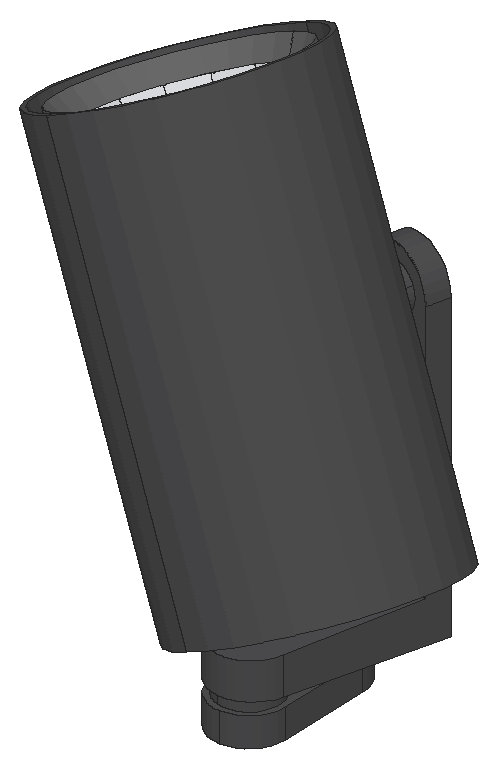
Revit family "Canilo", category Lighting Fixtures, host Face, Revit 2017 (continued)
Types (810, lengths in mm): name | system luminous flux | TK_Optic | TK_Body | System performance | SEO | ProductDataSheet | Mat | Luminaire colour | Lumen category | Lighting technology | Light colour | Lamp | IESFile | Cover / filter | CRI | Beam angle | Apparent Load
  CANILO  3P 01 LED4000-840 MF-c ET 01 | 3780 lm | "10127063" | "10161706" | 32 VA | Oktalite_Canilo_WH4000 | "http://www.oktalite.com/datasheet_print.php?language=EN&productid=63&lampid=81" | Oktalite_Alu_RAL_9016 | "RAL 9016 traffic white" | "4000 lm" | "LED" | "4000 K" | "LED" | "CANILO_LED_MF.ies" | "clear" | "85" | "Medium Flood" | 32 VA
  CANILO  3P 01 LED4000-840 MF  ET 01 | 3780 lm | "10125193" | "10161706" | 32 VA | Oktalite_Canilo_WH4000 | "http://www.oktalite.com/datasheet_print.php?language=EN&productid=63&lampid=81" | Oktalite_Alu_RAL_9016 | "RAL 9016 traffic white" | "4000 lm" | "LED" | "4000 K" | "LED" | "CANILO_LED_MF.ies" | "without" | "85" | "Medium Flood" | 32 VA
  CANILO  3P 01 LED4000-840 SP-c ET 01 | 3780 lm | "10127062" | "10161706" | 32 VA | Oktalite_Canilo_WH4000 | "http://www.oktalite.com/datasheet_print.php?language=EN&productid=63&lampid=81" | Oktalite_Alu_RAL_9016 | "RAL 9016 traffic white" | "4000 lm" | "LED" | "4000 K" | "LED" | "CANILO_LED_SP.ies" | "clear" | "85" | "Spot" | 32 VA
  CANILO  3P 01 LED4000-840 SP  ET 01 | 3780 lm | "10125190" | "10161706" | 32 VA | Oktalite_Canilo_WH4000 | "http://www.oktalite.com/datasheet_print.php?language=EN&productid=63&lampid=81" | Oktalite_Alu_RAL_9016 | "RAL 9016 traffic white" | "4000 lm" | "LED" | "4000 K" | "LED" | "CANILO_LED_SP.ies" | "without" | "85" | "Spot" | 32 VA
  CANILO  3P 05 LED4000-835 VFL-c ET 05 | 3700 lm | "10147536" | "10161702" | 32 VA | Oktalite_Canilo_WH3500 | "http://www.oktalite.com/datasheet_print.php?language=EN&productid=63&lampid=81" | Oktalite_Alu_RAL_9005 | "RAL 9005 jet black" | "4000 lm" | "LED" | "3500 K" | "LED" | "CANILO_LED_VFL.ies" | "clear" | "85" | "Very Wide Flood" | 32 VA
  CANILO  3P 05 LED4000-835 VFL  ET 05 | 3700 lm | "10147502" | "10161702" | 32 VA | Oktalite_Canilo_WH3500 | "http://www.oktalite.com/datasheet_print.php?language=EN&productid=63&lampid=81" | Oktalite_Alu_RAL_9005 | "RAL 9005 jet black" | "4000 lm" | "LED" | "3500 K" | "LED" | "CANILO_LED_VFL.ies" | "without" | "85" | "Very Wide Flood" | 32 VA
  CANILO  3P 05 LED4000-835 WFL-c ET 05 | 3700 lm | "10147535" | "10161702" | 32 VA | Oktalite_Canilo_WH3500 | "http://www.oktalite.com/datasheet_print.php?language=EN&productid=63&lampid=81" | Oktalite_Alu_RAL_9005 | "RAL 9005 jet black" | "4000 lm" | "LED" | "3500 K" | "LED" | "CANILO_LED_WFL.ies" | "clear" | "85" | "Wide Flood" | 32 VA
  CANILO  3P 05 LED4000-835 WFL  ET 05 | 3700 lm | "10147501" | "10161702" | 32 VA | Oktalite_Canilo_WH3500 | "http://www.oktalite.com/datasheet_print.php?language=EN&productid=63&lampid=81" | Oktalite_Alu_RAL_9005 | "RAL 9005 jet black" | "4000 lm" | "LED" | "3500 K" | "LED" | "CANILO_LED_WFL.ies" | "without" | "85" | "Wide Flood" | 32 VA
  CANILO  3P 05 LED4000-835 FL-c ET 05 | 3700 lm | "10127064" | "10161702" | 32 VA | Oktalite_Canilo_WH3500 | "http://www.oktalite.com/datasheet_print.php?language=EN&productid=63&lampid=81" | Oktalite_Alu_RAL_9005 | "RAL 9005 jet black" | "4000 lm" | "LED" | "3500 K" | "LED" | "CANILO_LED_FL.ies" | "clear" | "85" | "Flood" | 32 VA
  CANILO  3P 05 LED4000-835 FL  ET 05 | 3700 lm | "10125196" | "10161702" | 32 VA | Oktalite_Canilo_WH3500 | "http://www.oktalite.com/datasheet_print.php?language=EN&productid=63&lampid=81" | Oktalite_Alu_RAL_9005 | "RAL 9005 jet black" | "4000 lm" | "LED" | "3500 K" | "LED" | "CANILO_LED_FL.ies" | "without" | "85" | "Flood" | 32 VA
  CANILO  3P 05 LED4000-835 MF-c ET 05 | 3700 lm | "10127063" | "10161702" | 32 VA | Oktalite_Canilo_WH3500 | "http://www.oktalite.com/datasheet_print.php?language=EN&productid=63&lampid=81" | Oktalite_Alu_RAL_9005 | "RAL 9005 jet black" | "4000 lm" | "LED" | "3500 K" | "LED" | "CANILO_LED_MF.ies" | "clear" | "85" | "Medium Flood" | 32 VA
  CANILO  3P 05 LED4000-835 MF  ET 05 | 3700 lm | "10125193" | "10161702" | 32 VA | Oktalite_Canilo_WH3500 | "http://www.oktalite.com/datasheet_print.php?language=EN&productid=63&lampid=81" | Oktalite_Alu_RAL_9005 | "RAL 9005 jet black" | "4000 lm" | "LED" | "3500 K" | "LED" | "CANILO_LED_MF.ies" | "without" | "85" | "Medium Flood" | 32 VA
  CANILO  3P 05 LED4000-835 SP-c ET 05 | 3700 lm | "10127062" | "10161702" | 32 VA | Oktalite_Canilo_WH3500 | "http://www.oktalite.com/datasheet_print.php?language=EN&productid=63&lampid=81" | Oktalite_Alu_RAL_9005 | "RAL 9005 jet black" | "4000 lm" | "LED" | "3500 K" | "LED" | "CANILO_LED_SP.ies" | "clear" | "85" | "Spot" | 32 VA
  CANILO  3P 05 LED4000-835 SP  ET 05 | 3700 lm | "10125190" | "10161702" | 32 VA | Oktalite_Canilo_WH3500 | "http://www.oktalite.com/datasheet_print.php?language=EN&productid=63&lampid=81" | Oktalite_Alu_RAL_9005 | "RAL 9005 jet black" | "4000 lm" | "LED" | "3500 K" | "LED" | "CANILO_LED_SP.ies" | "without" | "85" | "Spot" | 32 VA
  CANILO  3P 05 LED4000-835 VFL-c ET 03 | 3700 lm | "10147536" | "10161701" | 32 VA | Oktalite_Canilo_WH3500 | "http://www.oktalite.com/datasheet_print.php?language=EN&productid=63&lampid=81" | Oktalite_Alu_RAL_9006 | "RAL 9006 white aluminium" | "4000 lm" | "LED" | "3500 K" | "LED" | "CANILO_LED_VFL.ies" | "clear" | "85" | "Very Wide Flood" | 32 VA
  CANILO  3P 05 LED4000-835 VFL  ET 03 | 3700 lm | "10147502" | "10161701" | 32 VA | Oktalite_Canilo_WH3500 | "http://www.oktalite.com/datasheet_print.php?language=EN&productid=63&lampid=81" | Oktalite_Alu_RAL_9006 | "RAL 9006 white aluminium" | "4000 lm" | "LED" | "3500 K" | "LED" | "CANILO_LED_VFL.ies" | "without" | "85" | "Very Wide Flood" | 32 VA
  CANILO  3P 05 LED4000-835 WFL-c ET 03 | 3700 lm | "10147535" | "10161701" | 32 VA | Oktalite_Canilo_WH3500 | "http://www.oktalite.com/datasheet_print.php?language=EN&productid=63&lampid=81" | Oktalite_Alu_RAL_9006 | "RAL 9006 white aluminium" | "4000 lm" | "LED" | "3500 K" | "LED" | "CANILO_LED_WFL.ies" | "clear" | "85" | "Wide Flood" | 32 VA
  CANILO  3P 05 LED4000-835 WFL  ET 03 | 3700 lm | "10147501" | "10161701" | 32 VA | Oktalite_Canilo_WH3500 | "http://www.oktalite.com/datasheet_print.php?language=EN&productid=63&lampid=81" | Oktalite_Alu_RAL_9006 | "RAL 9006 white aluminium" | "4000 lm" | "LED" | "3500 K" | "LED" | "CANILO_LED_WFL.ies" | "without" | "85" | "Wide Flood" | 32 VA
  CANILO  3P 05 LED4000-835 FL-c ET 03 | 3700 lm | "10127064" | "10161701" | 32 VA | Oktalite_Canilo_WH3500 | "http://www.oktalite.com/datasheet_print.php?language=EN&productid=63&lampid=81" | Oktalite_Alu_RAL_9006 | "RAL 9006 white aluminium" | "4000 lm" | "LED" | "3500 K" | "LED" | "CANILO_LED_FL.ies" | "clear" | "85" | "Flood" | 32 VA
  CANILO  3P 05 LED4000-835 FL  ET 03 | 3700 lm | "10125196" | "10161701" | 32 VA | Oktalite_Canilo_WH3500 | "http://www.oktalite.com/datasheet_print.php?language=EN&productid=63&lampid=81" | Oktalite_Alu_RAL_9006 | "RAL 9006 white aluminium" | "4000 lm" | "LED" | "3500 K" | "LED" | "CANILO_LED_FL.ies" | "without" | "85" | "Flood" | 32 VA
  CANILO  3P 05 LED4000-835 MF-c ET 03 | 3700 lm | "10127063" | "10161701" | 32 VA | Oktalite_Canilo_WH3500 | "http://www.oktalite.com/datasheet_print.php?language=EN&productid=63&lampid=81" | Oktalite_Alu_RAL_9006 | "RAL 9006 white aluminium" | "4000 lm" | "LED" | "3500 K" | "LED" | "CANILO_LED_MF.ies" | "clear" | "85" | "Medium Flood" | 32 VA
  CANILO  3P 05 LED4000-835 MF  ET 03 | 3700 lm | "10125193" | "10161701" | 32 VA | Oktalite_Canilo_WH3500 | "http://www.oktalite.com/datasheet_print.php?language=EN&productid=63&lampid=81" | Oktalite_Alu_RAL_9006 | "RAL 9006 white aluminium" | "4000 lm" | "LED" | "3500 K" | "LED" | "CANILO_LED_MF.ies" | "without" | "85" | "Medium Flood" | 32 VA
  CANILO  3P 05 LED4000-835 SP-c ET 03 | 3700 lm | "10127062" | "10161701" | 32 VA | Oktalite_Canilo_WH3500 | "http://www.oktalite.com/datasheet_print.php?language=EN&productid=63&lampid=81" | Oktalite_Alu_RAL_9006 | "RAL 9006 white aluminium" | "4000 lm" | "LED" | "3500 K" | "LED" | "CANILO_LED_SP.ies" | "clear" | "85" | "Spot" | 32 VA
  CANILO  3P 05 LED4000-835 SP  ET 03 | 3700 lm | "10125190" | "10161701" | 32 VA | Oktalite_Canilo_WH3500 | "http://www.oktalite.com/datasheet_print.php?language=EN&productid=63&lampid=81" | Oktalite_Alu_RAL_9006 | "RAL 9006 white aluminium" | "4000 lm" | "LED" | "3500 K" | "LED" | "CANILO_LED_SP.ies" | "without" | "85" | "Spot" | 32 VA
  CANILO  3P 01 LED4000-835 VFL-c ET 01 | 3700 lm | "10147536" | "10161700" | 32 VA | Oktalite_Canilo_WH3500 | "http://www.oktalite.com/datasheet_print.php?language=EN&productid=63&lampid=81" | Oktalite_Alu_RAL_9016 | "RAL 9016 traffic white" | "4000 lm" | "LED" | "3500 K" | "LED" | "CANILO_LED_VFL.ies" | "clear" | "85" | "Very Wide Flood" | 32 VA
  CANILO  3P 01 LED4000-835 VFL  ET 01 | 3700 lm | "10147502" | "10161700" | 32 VA | Oktalite_Canilo_WH3500 | "http://www.oktalite.com/datasheet_print.php?language=EN&productid=63&lampid=81" | Oktalite_Alu_RAL_9016 | "RAL 9016 traffic white" | "4000 lm" | "LED" | "3500 K" | "LED" | "CANILO_LED_VFL.ies" | "without" | "85" | "Very Wide Flood" | 32 VA
  CANILO  3P 01 LED4000-835 WFL-c ET 01 | 3700 lm | "10147535" | "10161700" | 32 VA | Oktalite_Canilo_WH3500 | "http://www.oktalite.com/datasheet_print.php?language=EN&productid=63&lampid=81" | Oktalite_Alu_RAL_9016 | "RAL 9016 traffic white" | "4000 lm" | "LED" | "3500 K" | "LED" | "CANILO_LED_WFL.ies" | "clear" | "85" | "Wide Flood" | 32 VA
  CANILO  3P 01 LED4000-835 WFL  ET 01 | 3700 lm | "10147501" | "10161700" | 32 VA | Oktalite_Canilo_WH3500 | "http://www.oktalite.com/datasheet_print.php?language=EN&productid=63&lampid=81" | Oktalite_Alu_RAL_9016 | "RAL 9016 traffic white" | "4000 lm" | "LED" | "3500 K" | "LED" | "CANILO_LED_WFL.ies" | "without" | "85" | "Wide Flood" | 32 VA
  CANILO  3P 01 LED4000-835 FL-c ET 01 | 3700 lm | "10127064" | "10161700" | 32 VA | Oktalite_Canilo_WH3500 | "http://www.oktalite.com/datasheet_print.php?language=EN&productid=63&lampid=81" | Oktalite_Alu_RAL_9016 | "RAL 9016 traffic white" | "4000 lm" | "LED" | "3500 K" | "LED" | "CANILO_LED_FL.ies" | "clear" | "85" | "Flood" | 32 VA
  CANILO  3P 01 LED4000-835 FL  ET 01 | 3700 lm | "10125196" | "10161700" | 32 VA | Oktalite_Canilo_WH3500 | "http://www.oktalite.com/datasheet_print.php?language=EN&productid=63&lampid=81" | Oktalite_Alu_RAL_9016 | "RAL 9016 traffic white" | "4000 lm" | "LED" | "3500 K" | "LED" | "CANILO_LED_FL.ies" | "without" | "85" | "Flood" | 32 VA
  CANILO  3P 01 LED4000-835 MF-c ET 01 | 3700 lm | "10127063" | "10161700" | 32 VA | Oktalite_Canilo_WH3500 | "http://www.oktalite.com/datasheet_print.php?language=EN&productid=63&lampid=81" | Oktalite_Alu_RAL_9016 | "RAL 9016 traffic white" | "4000 lm" | "LED" | "3500 K" | "LED" | "CANILO_LED_MF.ies" | "clear" | "85" | "Medium Flood" | 32 VA
  CANILO  3P 01 LED4000-835 MF  ET 01 | 3700 lm | "10125193" | "10161700" | 32 VA | Oktalite_Canilo_WH3500 | "http://www.oktalite.com/datasheet_print.php?language=EN&productid=63&lampid=81" | Oktalite_Alu_RAL_9016 | "RAL 9016 traffic white" | "4000 lm" | "LED" | "3500 K" | "LED" | "CANILO_LED_MF.ies" | "without" | "85" | "Medium Flood" | 32 VA
  CANILO  3P 01 LED4000-835 SP-c ET 01 | 3700 lm | "10127062" | "10161700" | 32 VA | Oktalite_Canilo_WH3500 | "http://www.oktalite.com/datasheet_print.php?language=EN&productid=63&lampid=81" | Oktalite_Alu_RAL_9016 | "RAL 9016 traffic white" | "4000 lm" | "LED" | "3500 K" | "LED" | "CANILO_LED_SP.ies" | "clear" | "85" | "Spot" | 32 VA
  CANILO  3P 01 LED4000-835 SP  ET 01 | 3700 lm | "10125190" | "10161700" | 32 VA | Oktalite_Canilo_WH3500 | "http://www.oktalite.com/datasheet_print.php?language=EN&productid=63&lampid=81" | Oktalite_Alu_RAL_9016 | "RAL 9016 traffic white" | "4000 lm" | "LED" | "3500 K" | "LED" | "CANILO_LED_SP.ies" | "without" | "85" | "Spot" | 32 VA
  CANILO  3P 05 LED4000-830 VFL-c ET 05 | 3655 lm | "10147536" | "10161690" | 32 VA | Oktalite_Canilo_WH3000 | "http://www.oktalite.com/datasheet_print.php?language=EN&productid=63&lampid=81" | Oktalite_Alu_RAL_9005 | "RAL 9005 jet black" | "4000 lm" | "LED" | "3000 K" | "LED" | "CANILO_LED_VFL.ies" | "clear" | "85" | "Very Wide Flood" | 32 VA
  CANILO  3P 05 LED4000-830 VFL  ET 05 | 3655 lm | "10147502" | "10161690" | 32 VA | Oktalite_Canilo_WH3000 | "http://www.oktalite.com/datasheet_print.php?language=EN&productid=63&lampid=81" | Oktalite_Alu_RAL_9005 | "RAL 9005 jet black" | "4000 lm" | "LED" | "3000 K" | "LED" | "CANILO_LED_VFL.ies" | "without" | "85" | "Very Wide Flood" | 32 VA
  CANILO  3P 05 LED4000-830 WFL-c ET 05 | 3655 lm | "10147535" | "10161690" | 32 VA | Oktalite_Canilo_WH3000 | "http://www.oktalite.com/datasheet_print.php?language=EN&productid=63&lampid=81" | Oktalite_Alu_RAL_9005 | "RAL 9005 jet black" | "4000 lm" | "LED" | "3000 K" | "LED" | "CANILO_LED_WFL.ies" | "clear" | "85" | "Wide Flood" | 32 VA
  CANILO  3P 05 LED4000-830 WFL  ET 05 | 3655 lm | "10147501" | "10161690" | 32 VA | Oktalite_Canilo_WH3000 | "http://www.oktalite.com/datasheet_print.php?language=EN&productid=63&lampid=81" | Oktalite_Alu_RAL_9005 | "RAL 9005 jet black" | "4000 lm" | "LED" | "3000 K" | "LED" | "CANILO_LED_WFL.ies" | "without" | "85" | "Wide Flood" | 32 VA
  CANILO  3P 05 LED4000-830 FL-c ET 05 | 3655 lm | "10127064" | "10161690" | 32 VA | Oktalite_Canilo_WH3000 | "http://www.oktalite.com/datasheet_print.php?language=EN&productid=63&lampid=81" | Oktalite_Alu_RAL_9005 | "RAL 9005 jet black" | "4000 lm" | "LED" | "3000 K" | "LED" | "CANILO_LED_FL.ies" | "clear" | "85" | "Flood" | 32 VA
  CANILO  3P 05 LED4000-830 FL  ET 05 | 3655 lm | "10125196" | "10161690" | 32 VA | Oktalite_Canilo_WH3000 | "http://www.oktalite.com/datasheet_print.php?language=EN&productid=63&lampid=81" | Oktalite_Alu_RAL_9005 | "RAL 9005 jet black" | "4000 lm" | "LED" | "3000 K" | "LED" | "CANILO_LED_FL.ies" | "without" | "85" | "Flood" | 32 VA
  CANILO  3P 05 LED4000-830 MF-c ET 05 | 3655 lm | "10127063" | "10161690" | 32 VA | Oktalite_Canilo_WH3000 | "http://www.oktalite.com/datasheet_print.php?language=EN&productid=63&lampid=81" | Oktalite_Alu_RAL_9005 | "RAL 9005 jet black" | "4000 lm" | "LED" | "3000 K" | "LED" | "CANILO_LED_MF.ies" | "clear" | "85" | "Medium Flood" | 32 VA
  CANILO  3P 05 LED4000-830 MF  ET 05 | 3655 lm | "10125193" | "10161690" | 32 VA | Oktalite_Canilo_WH3000 | "http://www.oktalite.com/datasheet_print.php?language=EN&productid=63&lampid=81" | Oktalite_Alu_RAL_9005 | "RAL 9005 jet black" | "4000 lm" | "LED" | "3000 K" | "LED" | "CANILO_LED_MF.ies" | "without" | "85" | "Medium Flood" | 32 VA
  CANILO  3P 05 LED4000-830 SP-c ET 05 | 3655 lm | "10127062" | "10161690" | 32 VA | Oktalite_Canilo_WH3000 | "http://www.oktalite.com/datasheet_print.php?language=EN&productid=63&lampid=81" | Oktalite_Alu_RAL_9005 | "RAL 9005 jet black" | "4000 lm" | "LED" | "3000 K" | "LED" | "CANILO_LED_SP.ies" | "clear" | "85" | "Spot" | 32 VA
  CANILO  3P 05 LED4000-830 SP  ET 05 | 3655 lm | "10125190" | "10161690" | 32 VA | Oktalite_Canilo_WH3000 | "http://www.oktalite.com/datasheet_print.php?language=EN&productid=63&lampid=81" | Oktalite_Alu_RAL_9005 | "RAL 9005 jet black" | "4000 lm" | "LED" | "3000 K" | "LED" | "CANILO_LED_SP.ies" | "without" | "85" | "Spot" | 32 VA
  CANILO  3P 05 LED4000-830 VFL-c ET 03 | 3655 lm | "10147536" | "10161689" | 32 VA | Oktalite_Canilo_WH3000 | "http://www.oktalite.com/datasheet_print.php?language=EN&productid=63&lampid=81" | Oktalite_Alu_RAL_9006 | "RAL 9006 white aluminium" | "4000 lm" | "LED" | "3000 K" | "LED" | "CANILO_LED_VFL.ies" | "clear" | "85" | "Very Wide Flood" | 32 VA
  CANILO  3P 05 LED4000-830 VFL  ET 03 | 3655 lm | "10147502" | "10161689" | 32 VA | Oktalite_Canilo_WH3000 | "http://www.oktalite.com/datasheet_print.php?language=EN&productid=63&lampid=81" | Oktalite_Alu_RAL_9006 | "RAL 9006 white aluminium" | "4000 lm" | "LED" | "3000 K" | "LED" | "CANILO_LED_VFL.ies" | "without" | "85" | "Very Wide Flood" | 32 VA
  CANILO  3P 05 LED4000-830 WFL-c ET 03 | 3655 lm | "10147535" | "10161689" | 32 VA | Oktalite_Canilo_WH3000 | "http://www.oktalite.com/datasheet_print.php?language=EN&productid=63&lampid=81" | Oktalite_Alu_RAL_9006 | "RAL 9006 white aluminium" | "4000 lm" | "LED" | "3000 K" | "LED" | "CANILO_LED_WFL.ies" | "clear" | "85" | "Wide Flood" | 32 VA
  CANILO  3P 05 LED4000-830 WFL  ET 03 | 3655 lm | "10147501" | "10161689" | 32 VA | Oktalite_Canilo_WH3000 | "http://www.oktalite.com/datasheet_print.php?language=EN&productid=63&lampid=81" | Oktalite_Alu_RAL_9006 | "RAL 9006 white aluminium" | "4000 lm" | "LED" | "3000 K" | "LED" | "CANILO_LED_WFL.ies" | "without" | "85" | "Wide Flood" | 32 VA
  CANILO  3P 05 LED4000-830 FL-c ET 03 | 3655 lm | "10127064" | "10161689" | 32 VA | Oktalite_Canilo_WH3000 | "http://www.oktalite.com/datasheet_print.php?language=EN&productid=63&lampid=81" | Oktalite_Alu_RAL_9006 | "RAL 9006 white aluminium" | "4000 lm" | "LED" | "3000 K" | "LED" | "CANILO_LED_FL.ies" | "clear" | "85" | "Flood" | 32 VA
  CANILO  3P 05 LED4000-830 FL  ET 03 | 3655 lm | "10125196" | "10161689" | 32 VA | Oktalite_Canilo_WH3000 | "http://www.oktalite.com/datasheet_print.php?language=EN&productid=63&lampid=81" | Oktalite_Alu_RAL_9006 | "RAL 9006 white aluminium" | "4000 lm" | "LED" | "3000 K" | "LED" | "CANILO_LED_FL.ies" | "without" | "85" | "Flood" | 32 VA
  CANILO  3P 05 LED4000-830 MF-c ET 03 | 3655 lm | "10127063" | "10161689" | 32 VA | Oktalite_Canilo_WH3000 | "http://www.oktalite.com/datasheet_print.php?language=EN&productid=63&lampid=81" | Oktalite_Alu_RAL_9006 | "RAL 9006 white aluminium" | "4000 lm" | "LED" | "3000 K" | "LED" | "CANILO_LED_MF.ies" | "clear" | "85" | "Medium Flood" | 32 VA
  CANILO  3P 05 LED4000-830 MF  ET 03 | 3655 lm | "10125193" | "10161689" | 32 VA | Oktalite_Canilo_WH3000 | "http://www.oktalite.com/datasheet_print.php?language=EN&productid=63&lampid=81" | Oktalite_Alu_RAL_9006 | "RAL 9006 white aluminium" | "4000 lm" | "LED" | "3000 K" | "LED" | "CANILO_LED_MF.ies" | "without" | "85" | "Medium Flood" | 32 VA
  CANILO  3P 05 LED4000-830 SP-c ET 03 | 3655 lm | "10127062" | "10161689" | 32 VA | Oktalite_Canilo_WH3000 | "http://www.oktalite.com/datasheet_print.php?language=EN&productid=63&lampid=81" | Oktalite_Alu_RAL_9006 | "RAL 9006 white aluminium" | "4000 lm" | "LED" | "3000 K" | "LED" | "CANILO_LED_SP.ies" | "clear" | "85" | "Spot" | 32 VA
  CANILO  3P 05 LED4000-830 SP  ET 03 | 3655 lm | "10125190" | "10161689" | 32 VA | Oktalite_Canilo_WH3000 | "http://www.oktalite.com/datasheet_print.php?language=EN&productid=63&lampid=81" | Oktalite_Alu_RAL_9006 | "RAL 9006 white aluminium" | "4000 lm" | "LED" | "3000 K" | "LED" | "CANILO_LED_SP.ies" | "without" | "85" | "Spot" | 32 VA
  CANILO  3P 01 LED4000-830 VFL-c ET 01 | 3655 lm | "10147536" | "10161688" | 32 VA | Oktalite_Canilo_WH3000 | "http://www.oktalite.com/datasheet_print.php?language=EN&productid=63&lampid=81" | Oktalite_Alu_RAL_9016 | "RAL 9016 traffic white" | "4000 lm" | "LED" | "3000 K" | "LED" | "CANILO_LED_VFL.ies" | "clear" | "85" | "Very Wide Flood" | 32 VA
  CANILO  3P 01 LED4000-830 VFL  ET 01 | 3655 lm | "10147502" | "10161688" | 32 VA | Oktalite_Canilo_WH3000 | "http://www.oktalite.com/datasheet_print.php?language=EN&productid=63&lampid=81" | Oktalite_Alu_RAL_9016 | "RAL 9016 traffic white" | "4000 lm" | "LED" | "3000 K" | "LED" | "CANILO_LED_VFL.ies" | "without" | "85" | "Very Wide Flood" | 32 VA
  CANILO  3P 01 LED4000-830 WFL-c ET 01 | 3655 lm | "10147535" | "10161688" | 32 VA | Oktalite_Canilo_WH3000 | "http://www.oktalite.com/datasheet_print.php?language=EN&productid=63&lampid=81" | Oktalite_Alu_RAL_9016 | "RAL 9016 traffic white" | "4000 lm" | "LED" | "3000 K" | "LED" | "CANILO_LED_WFL.ies" | "clear" | "85" | "Wide Flood" | 32 VA
  CANILO  3P 01 LED4000-830 WFL  ET 01 | 3655 lm | "10147501" | "10161688" | 32 VA | Oktalite_Canilo_WH3000 | "http://www.oktalite.com/datasheet_print.php?language=EN&productid=63&lampid=81" | Oktalite_Alu_RAL_9016 | "RAL 9016 traffic white" | "4000 lm" | "LED" | "3000 K" | "LED" | "CANILO_LED_WFL.ies" | "without" | "85" | "Wide Flood" | 32 VA
  CANILO  3P 01 LED4000-830 FL-c ET 01 | 3655 lm | "10127064" | "10161688" | 32 VA | Oktalite_Canilo_WH3000 | "http://www.oktalite.com/datasheet_print.php?language=EN&productid=63&lampid=81" | Oktalite_Alu_RAL_9016 | "RAL 9016 traffic white" | "4000 lm" | "LED" | "3000 K" | "LED" | "CANILO_LED_FL.ies" | "clear" | "85" | "Flood" | 32 VA
  CANILO  3P 01 LED4000-830 FL  ET 01 | 3655 lm | "10125196" | "10161688" | 32 VA | Oktalite_Canilo_WH3000 | "http://www.oktalite.com/datasheet_print.php?language=EN&productid=63&lampid=81" | Oktalite_Alu_RAL_9016 | "RAL 9016 traffic white" | "4000 lm" | "LED" | "3000 K" | "LED" | "CANILO_LED_FL.ies" | "without" | "85" | "Flood" | 32 VA
  CANILO  3P 01 LED4000-830 MF-c ET 01 | 3655 lm | "10127063" | "10161688" | 32 VA | Oktalite_Canilo_WH3000 | "http://www.oktalite.com/datasheet_print.php?language=EN&productid=63&lampid=81" | Oktalite_Alu_RAL_9016 | "RAL 9016 traffic white" | "4000 lm" | "LED" | "3000 K" | "LED" | "CANILO_LED_MF.ies" | "clear" | "85" | "Medium Flood" | 32 VA
  CANILO  3P 01 LED4000-830 MF  ET 01 | 3655 lm | "10125193" | "10161688" | 32 VA | Oktalite_Canilo_WH3000 | "http://www.oktalite.com/datasheet_print.php?language=EN&productid=63&lampid=81" | Oktalite_Alu_RAL_9016 | "RAL 9016 traffic white" | "4000 lm" | "LED" | "3000 K" | "LED" | "CANILO_LED_MF.ies" | "without" | "85" | "Medium Flood" | 32 VA
  CANILO  3P 01 LED4000-830 SP-c ET 01 | 3655 lm | "10127062" | "10161688" | 32 VA | Oktalite_Canilo_WH3000 | "http://www.oktalite.com/datasheet_print.php?language=EN&productid=63&lampid=81" | Oktalite_Alu_RAL_9016 | "RAL 9016 traffic white" | "4000 lm" | "LED" | "3000 K" | "LED" | "CANILO_LED_SP.ies" | "clear" | "85" | "Spot" | 32 VA
  CANILO  3P 01 LED4000-830 SP  ET 01 | 3655 lm | "10125190" | "10161688" | 32 VA | Oktalite_Canilo_WH3000 | "http://www.oktalite.com/datasheet_print.php?language=EN&productid=63&lampid=81" | Oktalite_Alu_RAL_9016 | "RAL 9016 traffic white" | "4000 lm" | "LED" | "3000 K" | "LED" | "CANILO_LED_SP.ies" | "without" | "85" | "Spot" | 32 VA
  CANILO  3P 05 LED4000-827 VFL-c ET 05 | 3395 lm | "10147536" | "10161684" | 32 VA | Oktalite_Canilo_WH2700 | "http://www.oktalite.com/datasheet_print.php?language=EN&productid=63&lampid=81" | Oktalite_Alu_RAL_9005 | "RAL 9005 jet black" | "4000 lm" | "LED" | "2700 K" | "LED" | "CANILO_LED_VFL.ies" | "clear" | "82" | "Very Wide Flood" | 32 VA
  CANILO  3P 05 LED4000-827 VFL  ET 05 | 3395 lm | "10147502" | "10161684" | 32 VA | Oktalite_Canilo_WH2700 | "http://www.oktalite.com/datasheet_print.php?language=EN&productid=63&lampid=81" | Oktalite_Alu_RAL_9005 | "RAL 9005 jet black" | "4000 lm" | "LED" | "2700 K" | "LED" | "CANILO_LED_VFL.ies" | "without" | "82" | "Very Wide Flood" | 32 VA
  CANILO  3P 05 LED4000-827 WFL-c ET 05 | 3395 lm | "10147535" | "10161684" | 32 VA | Oktalite_Canilo_WH2700 | "http://www.oktalite.com/datasheet_print.php?language=EN&productid=63&lampid=81" | Oktalite_Alu_RAL_9005 | "RAL 9005 jet black" | "4000 lm" | "LED" | "2700 K" | "LED" | "CANILO_LED_WFL.ies" | "clear" | "82" | "Wide Flood" | 32 VA
  CANILO  3P 05 LED4000-827 WFL  ET 05 | 3395 lm | "10147501" | "10161684" | 32 VA | Oktalite_Canilo_WH2700 | "http://www.oktalite.com/datasheet_print.php?language=EN&productid=63&lampid=81" | Oktalite_Alu_RAL_9005 | "RAL 9005 jet black" | "4000 lm" | "LED" | "2700 K" | "LED" | "CANILO_LED_WFL.ies" | "without" | "82" | "Wide Flood" | 32 VA
  CANILO  3P 05 LED4000-827 FL-c ET 05 | 3395 lm | "10127064" | "10161684" | 32 VA | Oktalite_Canilo_WH2700 | "http://www.oktalite.com/datasheet_print.php?language=EN&productid=63&lampid=81" | Oktalite_Alu_RAL_9005 | "RAL 9005 jet black" | "4000 lm" | "LED" | "2700 K" | "LED" | "CANILO_LED_FL.ies" | "clear" | "82" | "Flood" | 32 VA
  CANILO  3P 05 LED4000-827 FL  ET 05 | 3395 lm | "10125196" | "10161684" | 32 VA | Oktalite_Canilo_WH2700 | "http://www.oktalite.com/datasheet_print.php?language=EN&productid=63&lampid=81" | Oktalite_Alu_RAL_9005 | "RAL 9005 jet black" | "4000 lm" | "LED" | "2700 K" | "LED" | "CANILO_LED_FL.ies" | "without" | "82" | "Flood" | 32 VA
  CANILO  3P 05 LED4000-827 MF-c ET 05 | 3395 lm | "10127063" | "10161684" | 32 VA | Oktalite_Canilo_WH2700 | "http://www.oktalite.com/datasheet_print.php?language=EN&productid=63&lampid=81" | Oktalite_Alu_RAL_9005 | "RAL 9005 jet black" | "4000 lm" | "LED" | "2700 K" | "LED" | "CANILO_LED_MF.ies" | "clear" | "82" | "Medium Flood" | 32 VA
  CANILO  3P 05 LED4000-827 MF  ET 05 | 3395 lm | "10125193" | "10161684" | 32 VA | Oktalite_Canilo_WH2700 | "http://www.oktalite.com/datasheet_print.php?language=EN&productid=63&lampid=81" | Oktalite_Alu_RAL_9005 | "RAL 9005 jet black" | "4000 lm" | "LED" | "2700 K" | "LED" | "CANILO_LED_MF.ies" | "without" | "82" | "Medium Flood" | 32 VA
  CANILO  3P 05 LED4000-827 SP-c ET 05 | 3395 lm | "10127062" | "10161684" | 32 VA | Oktalite_Canilo_WH2700 | "http://www.oktalite.com/datasheet_print.php?language=EN&productid=63&lampid=81" | Oktalite_Alu_RAL_9005 | "RAL 9005 jet black" | "4000 lm" | "LED" | "2700 K" | "LED" | "CANILO_LED_SP.ies" | "clear" | "82" | "Spot" | 32 VA
  CANILO  3P 05 LED4000-827 SP  ET 05 | 3395 lm | "10125190" | "10161684" | 32 VA | Oktalite_Canilo_WH2700 | "http://www.oktalite.com/datasheet_print.php?language=EN&productid=63&lampid=81" | Oktalite_Alu_RAL_9005 | "RAL 9005 jet black" | "4000 lm" | "LED" | "2700 K" | "LED" | "CANILO_LED_SP.ies" | "without" | "82" | "Spot" | 32 VA
  CANILO  3P 05 LED4000-827 VFL-c ET 03 | 3395 lm | "10147536" | "10161683" | 32 VA | Oktalite_Canilo_WH2700 | "http://www.oktalite.com/datasheet_print.php?language=EN&productid=63&lampid=81" | Oktalite_Alu_RAL_9006 | "RAL 9006 white aluminium" | "4000 lm" | "LED" | "2700 K" | "LED" | "CANILO_LED_VFL.ies" | "clear" | "82" | "Very Wide Flood" | 32 VA
  CANILO  3P 05 LED4000-827 VFL  ET 03 | 3395 lm | "10147502" | "10161683" | 32 VA | Oktalite_Canilo_WH2700 | "http://www.oktalite.com/datasheet_print.php?language=EN&productid=63&lampid=81" | Oktalite_Alu_RAL_9006 | "RAL 9006 white aluminium" | "4000 lm" | "LED" | "2700 K" | "LED" | "CANILO_LED_VFL.ies" | "without" | "82" | "Very Wide Flood" | 32 VA
  CANILO  3P 05 LED4000-827 WFL-c ET 03 | 3395 lm | "10147535" | "10161683" | 32 VA | Oktalite_Canilo_WH2700 | "http://www.oktalite.com/datasheet_print.php?language=EN&productid=63&lampid=81" | Oktalite_Alu_RAL_9006 | "RAL 9006 white aluminium" | "4000 lm" | "LED" | "2700 K" | "LED" | "CANILO_LED_WFL.ies" | "clear" | "82" | "Wide Flood" | 32 VA
  CANILO  3P 05 LED4000-827 WFL  ET 03 | 3395 lm | "10147501" | "10161683" | 32 VA | Oktalite_Canilo_WH2700 | "http://www.oktalite.com/datasheet_print.php?language=EN&productid=63&lampid=81" | Oktalite_Alu_RAL_9006 | "RAL 9006 white aluminium" | "4000 lm" | "LED" | "2700 K" | "LED" | "CANILO_LED_WFL.ies" | "without" | "82" | "Wide Flood" | 32 VA
  CANILO  3P 05 LED4000-827 FL-c ET 03 | 3395 lm | "10127064" | "10161683" | 32 VA | Oktalite_Canilo_WH2700 | "http://www.oktalite.com/datasheet_print.php?language=EN&productid=63&lampid=81" | Oktalite_Alu_RAL_9006 | "RAL 9006 white aluminium" | "4000 lm" | "LED" | "2700 K" | "LED" | "CANILO_LED_FL.ies" | "clear" | "82" | "Flood" | 32 VA
  CANILO  3P 05 LED4000-827 FL  ET 03 | 3395 lm | "10125196" | "10161683" | 32 VA | Oktalite_Canilo_WH2700 | "http://www.oktalite.com/datasheet_print.php?language=EN&productid=63&lampid=81" | Oktalite_Alu_RAL_9006 | "RAL 9006 white aluminium" | "4000 lm" | "LED" | "2700 K" | "LED" | "CANILO_LED_FL.ies" | "without" | "82" | "Flood" | 32 VA
  CANILO  3P 05 LED4000-827 MF-c ET 03 | 3395 lm | "10127063" | "10161683" | 32 VA | Oktalite_Canilo_WH2700 | "http://www.oktalite.com/datasheet_print.php?language=EN&productid=63&lampid=81" | Oktalite_Alu_RAL_9006 | "RAL 9006 white aluminium" | "4000 lm" | "LED" | "2700 K" | "LED" | "CANILO_LED_MF.ies" | "clear" | "82" | "Medium Flood" | 32 VA
  CANILO  3P 05 LED4000-827 MF  ET 03 | 3395 lm | "10125193" | "10161683" | 32 VA | Oktalite_Canilo_WH2700 | "http://www.oktalite.com/datasheet_print.php?language=EN&productid=63&lampid=81" | Oktalite_Alu_RAL_9006 | "RAL 9006 white aluminium" | "4000 lm" | "LED" | "2700 K" | "LED" | "CANILO_LED_MF.ies" | "without" | "82" | "Medium Flood" | 32 VA
  CANILO  3P 05 LED4000-827 SP-c ET 03 | 3395 lm | "10127062" | "10161683" | 32 VA | Oktalite_Canilo_WH2700 | "http://www.oktalite.com/datasheet_print.php?language=EN&productid=63&lampid=81" | Oktalite_Alu_RAL_9006 | "RAL 9006 white aluminium" | "4000 lm" | "LED" | "2700 K" | "LED" | "CANILO_LED_SP.ies" | "clear" | "82" | "Spot" | 32 VA
  CANILO  3P 05 LED4000-827 SP  ET 03 | 3395 lm | "10125190" | "10161683" | 32 VA | Oktalite_Canilo_WH2700 | "http://www.oktalite.com/datasheet_print.php?language=EN&productid=63&lampid=81" | Oktalite_Alu_RAL_9006 | "RAL 9006 white aluminium" | "4000 lm" | "LED" | "2700 K" | "LED" | "CANILO_LED_SP.ies" | "without" | "82" | "Spot" | 32 VA
  CANILO  3P 01 LED4000-827 VFL-c ET 01 | 3395 lm | "10147536" | "10161682" | 32 VA | Oktalite_Canilo_WH2700 | "http://www.oktalite.com/datasheet_print.php?language=EN&productid=63&lampid=81" | Oktalite_Alu_RAL_9016 | "RAL 9016 traffic white" | "4000 lm" | "LED" | "2700 K" | "LED" | "CANILO_LED_VFL.ies" | "clear" | "82" | "Very Wide Flood" | 32 VA
  CANILO  3P 01 LED4000-827 VFL  ET 01 | 3395 lm | "10147502" | "10161682" | 32 VA | Oktalite_Canilo_WH2700 | "http://www.oktalite.com/datasheet_print.php?language=EN&productid=63&lampid=81" | Oktalite_Alu_RAL_9016 | "RAL 9016 traffic white" | "4000 lm" | "LED" | "2700 K" | "LED" | "CANILO_LED_VFL.ies" | "without" | "82" | "Very Wide Flood" | 32 VA
  CANILO  3P 01 LED4000-827 WFL-c ET 01 | 3395 lm | "10147535" | "10161682" | 32 VA | Oktalite_Canilo_WH2700 | "http://www.oktalite.com/datasheet_print.php?language=EN&productid=63&lampid=81" | Oktalite_Alu_RAL_9016 | "RAL 9016 traffic white" | "4000 lm" | "LED" | "2700 K" | "LED" | "CANILO_LED_WFL.ies" | "clear" | "82" | "Wide Flood" | 32 VA
  CANILO  3P 01 LED4000-827 WFL  ET 01 | 3395 lm | "10147501" | "10161682" | 32 VA | Oktalite_Canilo_WH2700 | "http://www.oktalite.com/datasheet_print.php?language=EN&productid=63&lampid=81" | Oktalite_Alu_RAL_9016 | "RAL 9016 traffic white" | "4000 lm" | "LED" | "2700 K" | "LED" | "CANILO_LED_WFL.ies" | "without" | "82" | "Wide Flood" | 32 VA
  CANILO  3P 01 LED4000-827 FL-c ET 01 | 3395 lm | "10127064" | "10161682" | 32 VA | Oktalite_Canilo_WH2700 | "http://www.oktalite.com/datasheet_print.php?language=EN&productid=63&lampid=81" | Oktalite_Alu_RAL_9016 | "RAL 9016 traffic white" | "4000 lm" | "LED" | "2700 K" | "LED" | "CANILO_LED_FL.ies" | "clear" | "82" | "Flood" | 32 VA
  CANILO  3P 01 LED4000-827 FL  ET 01 | 3395 lm | "10125196" | "10161682" | 32 VA | Oktalite_Canilo_WH2700 | "http://www.oktalite.com/datasheet_print.php?language=EN&productid=63&lampid=81" | Oktalite_Alu_RAL_9016 | "RAL 9016 traffic white" | "4000 lm" | "LED" | "2700 K" | "LED" | "CANILO_LED_FL.ies" | "without" | "82" | "Flood" | 32 VA
  CANILO  3P 01 LED4000-827 MF-c ET 01 | 3395 lm | "10127063" | "10161682" | 32 VA | Oktalite_Canilo_WH2700 | "http://www.oktalite.com/datasheet_print.php?language=EN&productid=63&lampid=81" | Oktalite_Alu_RAL_9016 | "RAL 9016 traffic white" | "4000 lm" | "LED" | "2700 K" | "LED" | "CANILO_LED_MF.ies" | "clear" | "82" | "Medium Flood" | 32 VA
  CANILO  3P 01 LED4000-827 MF  ET 01 | 3395 lm | "10125193" | "10161682" | 32 VA | Oktalite_Canilo_WH2700 | "http://www.oktalite.com/datasheet_print.php?language=EN&productid=63&lampid=81" | Oktalite_Alu_RAL_9016 | "RAL 9016 traffic white" | "4000 lm" | "LED" | "2700 K" | "LED" | "CANILO_LED_MF.ies" | "without" | "82" | "Medium Flood" | 32 VA
  CANILO  3P 01 LED4000-827 SP-c ET 01 | 3395 lm | "10127062" | "10161682" | 32 VA | Oktalite_Canilo_WH2700 | "http://www.oktalite.com/datasheet_print.php?language=EN&productid=63&lampid=81" | Oktalite_Alu_RAL_9016 | "RAL 9016 traffic white" | "4000 lm" | "LED" | "2700 K" | "LED" | "CANILO_LED_SP.ies" | "clear" | "82" | "Spot" | 32 VA
  CANILO  3P 01 LED4000-827 SP  ET 01 | 3395 lm | "10125190" | "10161682" | 32 VA | Oktalite_Canilo_WH2700 | "http://www.oktalite.com/datasheet_print.php?language=EN&productid=63&lampid=81" | Oktalite_Alu_RAL_9016 | "RAL 9016 traffic white" | "4000 lm" | "LED" | "2700 K" | "LED" | "CANILO_LED_SP.ies" | "without" | "82" | "Spot" | 32 VA
